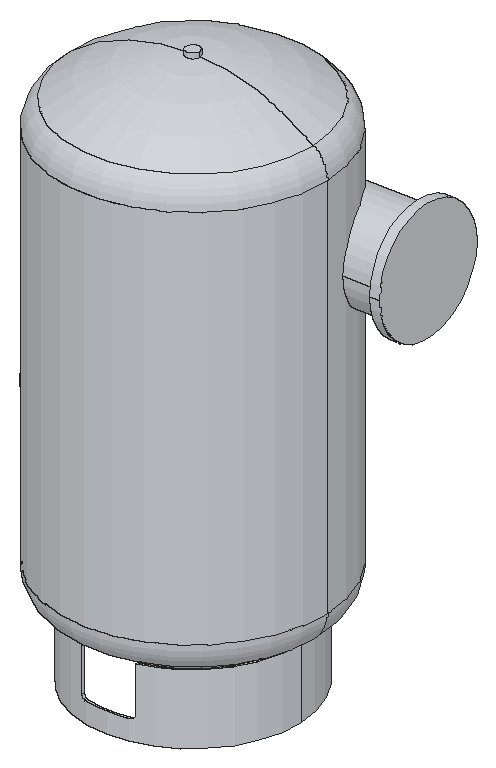
Revit family
Parameters (values of type "10-AS-L 125# W.P.")
  Weight = "650 lbs"
  Top to Inlet = 18.000"
  Top Connection Radius = 0.375"
  Top Connection Diameter = Top Connection Radius * 2  # 0.750"
  Tank Height = 62.250"
  Tangential = yes
  Tank Height Less Stand = 58.000"
  Tank Diameter = 30.000"
  Pipe Location off CL = 7.750"
  Outlet Pipe Flange Conn. Radius = Outlet Pipe Flange Conn / 2  # 5.000"
  Outlet Pipe Flange Conn = 10.000"
  Model = "10\"-AS-L"
  Pressure Drop = ".45"
  Max Operating Temp = "350 DEG F"
  Max Operating Pressure = "125 PSI"
  Manufacturer = "Amtrol"
  Inlet CL to Outlet CL = 22.000"
  Inlet Pipe Flange Conn = 10.000"
  Inlet Pipe Flange Conn. Radius = Inlet Pipe Flange Conn / 2  # 5.000"
  Flow (GPM) = "1480"
  Flange to Flange Height = 40.000"
  CL to Outlet Flange = 20.000"
  Bottom Connection Radius = Bottom Connection Diameter / 2  # 0.375"
  Bottom Connection Diameter = 0.750"
  ASME = yes
Types (4): name | Max Operating Pressure
  (no name) | "125 PSI"
  10-AS-L 125# W.P. | "125 PSI"
  10-AS-L 150# W.P. 10 BAR | "150 PSI"
  10-AS-L 300# W.P. | "300 PSI"
Reference planes (in)
  plane 1 "Center (Front/Back)": y = 0
  plane 2: z = 0
  plane 3 "Center (Left/Right)": x = 0
Forms (in)
  Revolve 1, solid
    sketch origin (0, 0, 0) x (1, 0, 0) y (0, 0, 1)
      loop
        arc (0, 0.5538) -> (7.08252, 1.65699) -> (13.46451, 4.92032) r 22.625
        arc (13.46451, 4.92032) -> (14.59705, 6.25565) -> (14.99988, 7.95962) r 3.75
        line (14.99988, 7.95962) -> (14.99988, 51.12904)
        arc (14.99988, 51.12904) -> (14.59218, 52.80035) -> (13.48111, 54.11374) r 3.75
        arc (13.48111, 54.11374) -> (7.09774, 57.41828) -> (0, 58.5538) r 22.625
        line (0, 58.5538) -> (0, 0.5538)
      axis (0, 0.5538) -> (0, 58.5538)
    angle from 0 to 360
  Extrusion 2, solid
    sketch origin (0, 0, 4.33383) x (0, 1, 0) y (0, 0, 1)
      loop
        circle (7.75, 36.16803) r 5.375
    from 2.04863 to 18.92159
  Extrusion 3, solid
    sketch origin (6.40684, 0, 8.25512) x (0, 1, 0) y (0, 0, 1)
      loop
        circle (7.75, 32.24674) r 6.75
    from 12.51474 to 13.59316
  Extrusion 4, solid
    sketch origin (0, 0, 0.63219) x (0, 1, 0) y (0, 0, 1)
      loop
        circle (7.75, 17.86967) r 6.75
    from -18.6225 to -20
  Sweep 5, solid
    path origin (0.02137, 0, 28.82036) x (1, 0, 0) y (0, 0, 1)
      loop
        line (0, 29.6815) -> (0, 30.1875)
    profile origin (0.02137, 0, 58.75486) x (-1, 0, 0) y (0, -1, 0)
      loop
        circle (0, 0) r 0.75
  Sweep 6, solid
    path origin (0, 0, 0) x (1, 0, 0) y (0, 0, 1)
      loop
        line (0, 0) -> (0, 0.5538)
    profile origin (0, 0, 0.2769) x (-1, 0, 0) y (0, -1, 0)
      loop
        circle (0, 0) r 0.75
  Extrusion 7, solid
    sketch origin (0, 0, 0) x (1, 0, 0) y (0, 1, 0)
      loop
        circle (0, 0) r 12
      loop
        circle (0, 0) r 11.75
    from 3.81043 to -4.03563
  Extrusion 8, void
    sketch origin (0, 0, 0) x (1, 0, 0) y (0, 0, 1)
      loop
        line (-3, 4.39922) -> (-3, -1.28563)
        arc (-3, -1.28563) -> (-2.85355, -1.63919) -> (-2.5, -1.78563) r 0.5
        line (-2.5, -1.78563) -> (2.5, -1.78563)
        arc (2.5, -1.78563) -> (2.85355, -1.63919) -> (3, -1.28563) r 0.5
        line (3, -1.28563) -> (3, 4.39922) -> (-3, 4.39922)
    from 4.41095 to 16.61368
  Extrusion 9, solid
    sketch origin (0, 0, 0) x (0, 1, 0) y (0, 0, 1)
      loop
        circle (7.75, 18.50186) r 5.375
    from -18.6225 to 0
Cuts and joins
  Extrusion 8 cuts Sweep 6
  Extrusion 8 cuts Extrusion 7
Text (in)
  text "INLET" at (24.10692, 0, 44.95774), in view "Front"
  text "OUTLET" at (-31.08609, 0, 15.0752), in view "Front"
Dimensions and locks (in)
  "Pipe Location off CL": plane 1 "Center (Front/Back)" to Extrusion 2 sketch curve
  "Pipe Location off CL": Extrusion 4 sketch curve to plane 1 "Center (Front/Back)"
  "Pipe Location off CL": Extrusion 3 sketch curve to plane 1 "Center (Front/Back)"
  "CL to Outlet Flange": Extrusion 4 to plane 3 "Center (Left/Right)"
  "Top to Inlet": Sweep 5 to Extrusion 3 sketch curve
  "Top to Inlet": Sweep 5 to Extrusion 2 sketch curve
  locked: Sweep 5 to Extrusion 4 sketch curve at 40
  Revolve 1 sketch curve to Revolve 1 sketch curve = 14.99988"
  Revolve 1 sketch curve to Revolve 1 sketch curve = 18.875"
  "Tank Height Less Stand": Revolve 1 sketch curve to Revolve 1 sketch curve
  locked: Revolve 1 sketch curve to level at 0.5538
  locked: Extrusion 3 to plane 3 "Center (Left/Right)" at 20
  "Pipe Location off CL": plane 1 "Center (Front/Back)" to Extrusion 9 sketch curve
  locked: Sweep 5 to Extrusion 9 sketch curve at 40
  radius of Revolve 1 sketch curve = 22.625"  (x2)
  radius of Revolve 1 sketch curve = 3.750"  (x2)
  aligned and locked: Extrusion 2 to Extrusion 3
  aligned and locked: Extrusion 9 to Extrusion 4
  aligned and locked: plane 3 "Center (Left/Right)" to Extrusion 9
Automatic sketch dimensions
  plane 3 "Center (Left/Right)" to Sweep 5 sketch curve = 0.02137"
  Sweep 5 sketch curve to Sweep 5 sketch curve = 0.506"
  plane 1 "Center (Front/Back)" to Sweep 5 sketch curve = 0.000"
  Sweep 5 sketch curve to profile plane = 0.000"
  Sweep 6 sketch curve to plane 3 "Center (Left/Right)" = 0.000"
  Sweep 6 sketch curve to level = 0.000"
  level to Sweep 6 sketch curve = 0.5538"
  plane 1 "Center (Front/Back)" to Sweep 6 sketch curve = 0.000"
  Sweep 6 sketch curve to profile plane = 0.000"
  Extrusion 7 sketch curve to Extrusion 7 sketch curve = 0.000"  (x2)
  plane 1 "Center (Front/Back)" to Extrusion 7 sketch curve = 0.000"
  Extrusion 7 sketch curve to plane 3 "Center (Left/Right)" = 0.000"
  Extrusion 8 sketch curve to plane 3 "Center (Left/Right)" = 3.000"
  Extrusion 8 sketch curve to Extrusion 8 sketch curve = 0.500"  (x2)
  Extrusion 8 sketch curve to level = 1.28563"
  plane 3 "Center (Left/Right)" to Extrusion 8 sketch curve = 2.500"
  level to Extrusion 8 sketch curve = 4.39922"
  Revolve 1 sketch curve to plane 3 "Center (Left/Right)" = 0.000"  (x2)
  plane 3 "Center (Left/Right)" to Revolve 1 sketch curve = 0.02009"
  plane 3 "Center (Left/Right)" to Revolve 1 sketch curve = 0.1031"
  Revolve 1 sketch curve to Revolve 1 sketch curve = 3.74998"
  Revolve 1 sketch curve to Revolve 1 sketch curve = 3.74988"
  Revolve 1 sketch curve to Revolve 1 sketch curve = 1.53538"
  Revolve 1 sketch curve to Revolve 1 sketch curve = 0.000"
  Revolve 1 sketch curve to Revolve 1 sketch curve = 7.80879"
  level to Sweep 5 sketch curve = 58.50186"
  radius of Extrusion 2 sketch curve = 5.375"
  radius of Extrusion 3 sketch curve = 6.750"
  radius of Extrusion 4 sketch curve = 6.750"
  radius of Sweep 5 sketch curve = 0.750"
  radius of Sweep 6 sketch curve = 0.750"
  radius of Extrusion 7 sketch curve = 12.000"
  radius of Extrusion 7 sketch curve = 11.750"
  radius of Extrusion 9 sketch curve = 5.375"
Connectors (in)
  piping at (0.02137, 0, 59.00786), driven by "Top Connection Radius"
    settings: on Sweep 5, index 3
  piping at (-20, 7.75, 18.50186), driven by "Outlet Pipe Flange Conn. Radius"
    settings: on Extrusion 4, index 4
  piping at (0, 0, 0), driven by "Bottom Connection Radius"
    settings: on Sweep 6, index 5
  piping at (20, 7.75, 40.50186), driven by "Inlet Pipe Flange Conn. Radius"
    settings: on Extrusion 3, index 6
